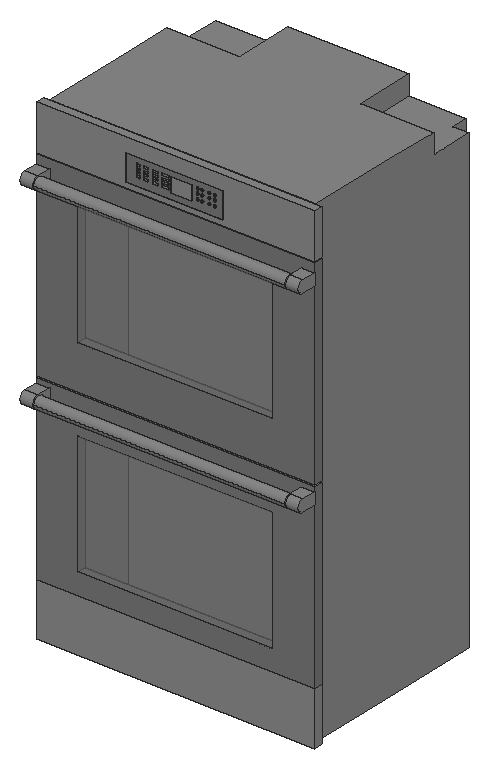
Revit family "DOB30M977D_Revit", category Specialty Equipment, Revit 2014
Parameters (values of type "DOB30M977D")
  Width = 29 3/4"
  WI FI = "YES"
  VOLTS (V) = "240 / 208"
  Unit = Stainless Steel
  TEMPERATURE PROBE = "YES (UPPER OVEN)"
  Support = Plastic-Black
  STEAM HEATER = "500W"
  STANDARD RACK = "1 (UPPER) / 1 (LOWER)"
  SABBATH MODE = "YES"
  RACK POSITIONS = "6"
  PROOF (LOWER TEMP) = "YES (BOTH OVENS)"
  PROOF = "YES (BOTH OVENS)"
  PIZZA STONE MODE = "YES (BOTH OVENS)"
  NET WEIGHT (LBS) = "139"
  Model = "DOB30M977D"
  Manufacturer = "Dacor"
  MESH FILTER = "4"
  LIMITED, PARTS AND LABOR = "1 YEAR"
  LIGHTING = "BRIGHTVUE™ - LED + HALOGEN"
  KITCHEN TIMER = "YES (BOTH OVENS)"
  KEEP WARM = "YES (BOTH OVENS)"
  INSTANTHEAT™ = "YES (BOTH OVENS)"
  Height = 51 1/2"
  Handle = Stainless Steel
  GOURMET COOK = "YES (BOTH OVENS)"
  GLIDERACK™ = "2 (UPPER) / 2 (LOWER)"
  FREQUENCY (HZ) = "60"
  ENERGY SOURCE = "ELECTRIC"
  Door Glass = Glass
  Door = Plastic-Black
  Description = "30-INCH DOUBLE WALL OVEN MODERNIST COLLECTION"
  Depth = 23 1/8"
  DELAY START = "YES (BOTH OVENS)"
  DEHYDRATE = "YES (BOTH OVENS)"
  COOKING MODES UPPER CAVITY = "BAKE - BROIL - CONVECTION BAKE - CONVECTION ROAST CONVECTION BROIL - FOUR PART PURE CONVECTION - PURE CONVECTION SEAR - STEAM BAKE - STEAM ROAST"
  COOKING MODES LOWER CAVITY = "BAKE - BROIL - CONVECTION BAKE CONVECTION ROAST - CONVECTION BROIL - FOUR PART PURE CONVECTION - PURE CONVECTION SEAR"
  COOKIE SHEETS (SET OF 3) = "SKU - ACSM303"
  CONVECTION TYPE = "FOUR PART DUAL PURE CONVECTION WITH MESH FILTER"
  CONVECTION ELEMENT = "1,300W (EACH - 2,600W TOTAL)"
  CONTROLS = "7” TFT LCD"
  CLEANING TYPE = "SELF CLEAN (BOTH OVENS) & GREENCLEAN (BOTH OVENS)"
  CIRCUIT BREAKER (A) = "50"
  CHILD LOCK = "YES"
  BROIL ELEMENT = "4,400W - 10 PASS"
  BAKE ELEMENT = "3,000W - 8 PASS"
  AUTOMATIC WATER RESERVOIR = "1 (UPPER)"
  AUTO CONVERSION = "YES"
Reference planes (in)
  plane 1 "Center (Front/Back)": y = 0
  plane 2: z = 0
  plane 3 "Center (Left/Right)": x = 0
  plane 4: y = 11.5625
  plane 5: y = -11.5625
  plane 6: x = -14.25
  plane 7: x = 14.25
  plane 8: z = 51.5
  plane 9: y = -13.4375
  plane 10: z = 49.875
  plane 11: x = -14.875
  plane 12: x = 14.875
  plane 13: y = -12.8375
  plane 14: z = 25.2264
  plane 15: y = -13.7625
Forms (in)
  Extrusion 1, solid, material "Stainless Steel" <- "Unit"
    sketch origin (0, 0, 0) x (1, 0, 0) y (0, 0, 1)
      loop
        line (-14.25, 51.5) -> (-14.25, 0) -> (14.25, 0) -> (14.25, 51.5) -> (-14.25, 51.5)
      loop
        line (-14.13947, 51.3514) -> (-14.13947, 0.2264) -> (14.11053, 0.2264) -> (14.11053, 51.3514) -> (-14.13947, 51.3514)
    from -11.5625 to 10.5625
  Extrusion 2, solid, material "Stainless Steel" <- "Unit"
    sketch origin (0, 11.5625, 0) x (-1, 0, 0) y (0, 0, 1)
      loop
        line (-14.11053, 51.3514) -> (-14.11053, 0.2264) -> (14.13947, 0.2264) -> (14.13947, 51.3514) -> (-14.11053, 51.3514)
    from 0 to -0.58184
  Extrusion 3, solid, material "Plastic-Black" <- "Door"
    sketch origin (0, 0, 0) x (1, 0, 0) y (0, 0, 1)
      loop
        line (-14.875, 25.2264) -> (14.875, 25.2264) -> (14.875, 46.5) -> (-14.875, 46.5) -> (-14.875, 25.2264)
      loop
        line (-10.4795, 43.05936) -> (-10.4795, 29.98364) -> (10.35378, 29.98364) -> (10.35378, 43.05936) -> (-10.4795, 43.05936)
      loop
        line (-14.875, 5.7264) -> (14.875, 5.7264) -> (14.875, 25.03864) -> (-14.875, 25.03864) -> (-14.875, 5.7264)
      loop
        line (-10.4795, 21.05936) -> (-10.4795, 7.98364) -> (10.35378, 7.98364) -> (10.35378, 21.05936) -> (-10.4795, 21.05936)
    from 10.5625 to 11.5625
  Extrusion 4, solid, material "Stainless Steel" <- "Unit"
    sketch origin (-2.5, -11.5625, 0) x (1, 0, 0) y (0, 0, 1)
      loop
        line (-1.6594, 49.39162) -> (-1.6594, 49.18439) -> (-1.32598, 49.18439) -> (-1.32598, 49.39162) -> (-1.6594, 49.39162)
      loop
        line (-0.87096, 49.39162) -> (-0.87096, 49.18439) -> (-0.43933, 49.18439) -> (-0.43933, 49.39162) -> (-0.87096, 49.39162)
      loop
        line (-1.6594, 48.96771) -> (-1.6594, 48.81409) -> (-1.32598, 48.81409) -> (-1.32598, 48.96771) -> (-1.6594, 48.96771)
      loop
        line (-0.87096, 48.96771) -> (-0.87096, 48.81409) -> (-0.43933, 48.81409) -> (-0.43933, 48.96771) -> (-0.87096, 48.96771)
      loop
        line (-1.65392, 48.63776) -> (-1.65392, 48.48414) -> (-1.3205, 48.48414) -> (-1.3205, 48.63776) -> (-1.65392, 48.63776)
      loop
        line (-0.86548, 48.63776) -> (-0.86548, 48.48414) -> (-0.43384, 48.48414) -> (-0.43384, 48.63776) -> (-0.86548, 48.63776)
      loop
        line (0.03732, 48.63776) -> (0.03732, 48.48414) -> (0.64099, 48.48414) -> (0.64099, 48.63776) -> (0.03732, 48.63776)
      loop
        line (0.03183, 48.96771) -> (0.03183, 48.81409) -> (0.63551, 48.81409) -> (0.63551, 48.96771) -> (0.03183, 48.96771)
      loop
        line (0.63551, 49.18439) -> (0.63551, 49.39162) -> (0.03183, 49.39162) -> (0.03183, 49.18439) -> (0.63551, 49.18439)
      loop
        line (-1.65392, 48.25823) -> (-1.65392, 48.051) -> (-1.3205, 48.051) -> (-1.3205, 48.25823) -> (-1.65392, 48.25823)
      loop
        line (-0.86548, 48.25823) -> (-0.86548, 48.051) -> (-0.43384, 48.051) -> (-0.43384, 48.25823) -> (-0.86548, 48.25823)
      loop
        line (0.03732, 48.25823) -> (0.03732, 48.051) -> (0.64099, 48.051) -> (0.64099, 48.25823) -> (0.03732, 48.25823)
      loop
        line (1.02381, 48.25823) -> (1.02381, 48.051) -> (1.78945, 48.051) -> (1.78945, 48.25823) -> (1.02381, 48.25823)
      loop
        line (1.02381, 48.63776) -> (1.02381, 48.48414) -> (1.78945, 48.48414) -> (1.78945, 48.63776) -> (1.02381, 48.63776)
      loop
        line (1.01833, 48.96771) -> (1.01833, 48.81409) -> (1.78396, 48.81409) -> (1.78396, 48.96771) -> (1.01833, 48.96771)
      loop
        line (1.01833, 49.39162) -> (1.01833, 49.18439) -> (1.78396, 49.18439) -> (1.78396, 49.39162) -> (1.01833, 49.39162)
      loop
        line (2.00772, 49.39162) -> (2.00772, 47.84986) -> (4.27232, 47.84986) -> (4.27232, 49.39162) -> (2.00772, 49.39162)
      loop
        circle (4.87127, 49.275) r 0.11662
      loop
        circle (5.35, 49.275) r 0.11662
      loop
        circle (6.10706, 49.275) r 0.11662
      loop
        circle (6.72875, 49.275) r 0.11662
      loop
        circle (6.72875, 48.78253) r 0.11662
      loop
        circle (6.10706, 48.78253) r 0.11662
      loop
        circle (5.35, 48.78253) r 0.11662
      loop
        circle (4.87127, 48.78253) r 0.11662
      loop
        circle (4.87127, 48.2109) r 0.11662
      loop
        circle (5.35, 48.2109) r 0.11662
      loop
        circle (6.10706, 48.2109) r 0.11662
      loop
        circle (6.72875, 48.2109) r 0.11662
    from 0 to -0.4545
  Extrusion 5, solid, material "Plastic-Black" <- "Support"
    sketch origin (0, 0, 0) x (1, 0, 0) y (0, 0, 1)
      loop
        line (-5.34891, 49.98599) -> (-5.34891, 47.23599) -> (5.02857, 47.23599) -> (5.02857, 49.98599) -> (-5.34891, 49.98599)
      loop
        line (-3.82598, 49.39162) -> (-4.1594, 49.39162) -> (-4.1594, 49.18439) -> (-3.82598, 49.18439) -> (-3.82598, 49.39162)
      loop
        line (-3.82598, 48.96771) -> (-4.1594, 48.96771) -> (-4.1594, 48.81409) -> (-3.82598, 48.81409) -> (-3.82598, 48.96771)
      loop
        line (-3.8205, 48.63776) -> (-4.15392, 48.63776) -> (-4.15392, 48.48414) -> (-3.8205, 48.48414) -> (-3.8205, 48.63776)
      loop
        line (-3.8205, 48.25823) -> (-4.15392, 48.25823) -> (-4.15392, 48.051) -> (-3.8205, 48.051) -> (-3.8205, 48.25823)
      loop
        line (-2.93933, 49.39162) -> (-3.37096, 49.39162) -> (-3.37096, 49.18439) -> (-2.93933, 49.18439) -> (-2.93933, 49.39162)
      loop
        line (-2.93933, 48.96771) -> (-3.37096, 48.96771) -> (-3.37096, 48.81409) -> (-2.93933, 48.81409) -> (-2.93933, 48.96771)
      loop
        line (-2.93384, 48.63776) -> (-3.36548, 48.63776) -> (-3.36548, 48.48414) -> (-2.93384, 48.48414) -> (-2.93384, 48.63776)
      loop
        line (-2.93384, 48.25823) -> (-3.36548, 48.25823) -> (-3.36548, 48.051) -> (-2.93384, 48.051) -> (-2.93384, 48.25823)
      loop
        line (-1.86449, 49.39162) -> (-2.46817, 49.39162) -> (-2.46817, 49.18439) -> (-1.86449, 49.18439) -> (-1.86449, 49.39162)
      loop
        line (-1.86449, 48.96771) -> (-2.46817, 48.96771) -> (-2.46817, 48.81409) -> (-1.86449, 48.81409) -> (-1.86449, 48.96771)
      loop
        line (-1.85901, 48.63776) -> (-2.46268, 48.63776) -> (-2.46268, 48.48414) -> (-1.85901, 48.48414) -> (-1.85901, 48.63776)
      loop
        line (-1.85901, 48.25823) -> (-2.46268, 48.25823) -> (-2.46268, 48.051) -> (-1.85901, 48.051) -> (-1.85901, 48.25823)
      loop
        line (-0.71604, 49.39162) -> (-1.48167, 49.39162) -> (-1.48167, 49.18439) -> (-0.71604, 49.18439) -> (-0.71604, 49.39162)
      loop
        line (-0.71604, 48.96771) -> (-1.48167, 48.96771) -> (-1.48167, 48.81409) -> (-0.71604, 48.81409) -> (-0.71604, 48.96771)
      loop
        line (-0.71055, 48.63776) -> (-1.47619, 48.63776) -> (-1.47619, 48.48414) -> (-0.71055, 48.48414) -> (-0.71055, 48.63776)
      loop
        line (-0.71055, 48.25823) -> (-1.47619, 48.25823) -> (-1.47619, 48.051) -> (-0.71055, 48.051) -> (-0.71055, 48.25823)
      loop
        line (1.77232, 49.39162) -> (-0.49228, 49.39162) -> (-0.49228, 47.84986) -> (1.77232, 47.84986) -> (1.77232, 49.39162)
      loop
        circle (2.37127, 49.275) r 0.11662
      loop
        circle (2.85, 49.275) r 0.11662
      loop
        circle (3.60706, 49.275) r 0.11662
      loop
        circle (4.22875, 49.275) r 0.11662
      loop
        circle (4.22875, 48.78253) r 0.11662
      loop
        circle (4.22875, 48.2109) r 0.11662
      loop
        circle (3.60706, 48.2109) r 0.11662
      loop
        circle (3.60706, 48.78253) r 0.11662
      loop
        circle (2.85, 48.78253) r 0.11662
      loop
        circle (2.37127, 48.78253) r 0.11662
      loop
        circle (2.37127, 48.2109) r 0.11662
      loop
        circle (2.85, 48.2109) r 0.11662
    from 10.5625 to 11.5625
  Extrusion 6, solid, material "Glass" <- "Door Glass"
    sketch origin (0, -11.5625, 0) x (1, 0, 0) y (0, 0, 1)
      loop
        line (-10.4795, 43.05936) -> (-10.4795, 29.98364) -> (10.35378, 29.98364) -> (10.35378, 43.05936) -> (-10.4795, 43.05936)
      loop
        line (-10.4795, 21.05936) -> (-10.4795, 7.98364) -> (10.35378, 7.98364) -> (10.35378, 21.05936) -> (-10.4795, 21.05936)
    from 0 to -1
  Extrusion 7, solid, material "Stainless Steel" <- "Handle"
    sketch origin (0, 0, 0) x (0, 1, 0) y (0, 0, 1)
      loop
        line (-11.5625, 45.57204) -> (-13.13198, 45.57204)
        arc (-13.13198, 45.57204) -> (-13.76319, 44.94083) -> (-13.13198, 44.30962) r 0.63121
        line (-13.13198, 44.30962) -> (-11.5625, 44.30962) -> (-11.5625, 45.57204)
    from 13.47663 to 14.875
  Extrusion 8, solid, material "Stainless Steel" <- "Handle"
    sketch origin (0, 0, 0) x (0, 1, 0) y (0, 0, -1)
      loop
        line (-11.5625, -45.57204) -> (-11.5625, -44.30962) -> (-13.13198, -44.30962)
        arc (-13.13198, -44.30962) -> (-13.76319, -44.94083) -> (-13.13198, -45.57204) r 0.63121
        line (-13.13198, -45.57204) -> (-11.5625, -45.57204)
    from 13.47663 to 14.875
  Extrusion 9, solid, material "Stainless Steel" <- "Handle"
    sketch origin (0, 0, 0) x (0, 1, 0) y (0, 0, 1)
      loop
        circle (-13.13198, 44.94083) r 0.63121
    from -13.47663 to 13.47663
  Extrusion 10, solid, material "Stainless Steel" <- "Handle"
    sketch origin (0, 0, -21) x (0, 1, 0) y (0, 0, 1)
      loop
        line (-11.5625, 45.57204) -> (-13.13198, 45.57204)
        arc (-13.13198, 45.57204) -> (-13.76319, 44.94083) -> (-13.13198, 44.30962) r 0.63121
        line (-13.13198, 44.30962) -> (-11.5625, 44.30962) -> (-11.5625, 45.57204)
    from 13.47663 to 14.875
  Extrusion 11, solid, material "Stainless Steel" <- "Handle"
    sketch origin (0, 0, -21) x (0, 1, 0) y (0, 0, -1)
      loop
        line (-11.5625, -45.57204) -> (-11.5625, -44.30962) -> (-13.13198, -44.30962)
        arc (-13.13198, -44.30962) -> (-13.76319, -44.94083) -> (-13.13198, -45.57204) r 0.63121
        line (-13.13198, -45.57204) -> (-11.5625, -45.57204)
    from 13.47663 to 14.875
  Extrusion 12, solid, material "Stainless Steel" <- "Handle"
    sketch origin (0, 0, -21) x (0, 1, 0) y (0, 0, 1)
      loop
        circle (-13.13198, 44.94083) r 0.63121
    from -13.47663 to 13.47663
  Extrusion 13, solid, material "Stainless Steel" <- "Unit"
    sketch origin (0, 0, 0) x (1, 0, 0) y (0, 1, 0)
      loop
        line (-14.25, 11.5625) -> (-14.25, -0.29809) -> (14.25, -0.29809) -> (14.25, 11.5625) -> (-14.25, 11.5625)
    from 0 to 51.5
  Extrusion 14, void
    sketch origin (0, 0, 0) x (1, 0, 0) y (0, 1, 0)
      loop
        line (12.57929, 11.5625) -> (12.57929, 9.78409) -> (14.25, 9.78409) -> (14.25, 11.5625) -> (12.57929, 11.5625)
    from 0 to 51.5
  Extrusion 15, void
    sketch origin (0, 0, 0) x (1, 0, 0) y (0, 1, 0)
      loop
        line (6.48362, 11.5625) -> (6.48362, 5.09899) -> (14.25, 5.09899) -> (14.25, 11.5625) -> (6.48362, 11.5625)
      loop
        line (-6.48362, 11.5625) -> (-14.25, 11.5625) -> (-14.25, 5.09899) -> (-6.48362, 5.09899) -> (-6.48362, 11.5625)
    from 49.39162 to 51.5
  Extrusion 16, solid, material "Stainless Steel" <- "Unit"
    sketch origin (0, 0, 0) x (1, 0, 0) y (0, 0, 1)
      loop
        line (-14.875, 51.5) -> (-14.875, 46.625) -> (14.875, 46.625) -> (14.875, 51.5) -> (-14.875, 51.5)
      loop
        line (-14.875, 0) -> (14.875, 0) -> (14.875, 5.66143) -> (-14.875, 5.66143) -> (-14.875, 0)
      loop
        line (5.02857, 49.98599) -> (-5.34891, 49.98599) -> (-5.34891, 47.23599) -> (5.02857, 47.23599) -> (5.02857, 49.98599)
    from 10.5625 to 11.5625
Cuts and joins
  Extrusion 14, Extrusion 15 cuts Extrusion 1
  Extrusion 14, Extrusion 15 cuts Extrusion 2
  Extrusion 14, Extrusion 15 cuts Extrusion 13
  joined: Extrusion 1, Extrusion 2, Extrusion 13
Dimensions and locks (in)
  equal spacing: plane 6, plane 3 "Center (Left/Right)", plane 7
  equal spacing: plane 4, plane 1 "Center (Front/Back)", plane 5
  "Depth": plane 4 to plane 5
  "Height": plane 8 to plane 2
  plane 5 to plane 9 = 1 7/8"
  plane 10 to plane 2 = 49 7/8"
  equal spacing: plane 11, plane 3 "Center (Left/Right)", plane 12
  "Width": plane 11 to plane 12
  plane 4 to plane 13 = 24.4"
  plane 15 to plane 5 = 2.2"
  plane 6 to plane 7 = 28 1/2"
  aligned and locked: level to plane 2
  aligned and locked: plane 4 to Extrusion 1
  aligned and locked: Extrusion 3 to plane 5
  aligned and locked: Extrusion 5 to Extrusion 3
  aligned and locked: Extrusion 5 to cut or joined group of Extrusion 1, Extrusion 2, Extrusion 13, Extrusion 14, Extrusion 15
  aligned and locked: plane 11 to Extrusion 3 sketch curve
  aligned and locked: Extrusion 9 to Extrusion 7
  aligned and locked: Extrusion 9 to Extrusion 8
  aligned and locked: Extrusion 12 to Extrusion 10
  aligned and locked: Extrusion 12 to Extrusion 11
  aligned and locked: plane 8 to Extrusion 13
Automatic sketch dimensions
  Extrusion 1 sketch curve to level = 0"
  Extrusion 1 sketch curve to plane 6 = 0"
  Extrusion 1 sketch curve to plane 7 = 0"
  Extrusion 1 sketch curve to plane 8 = 0"
  plane 6 to Extrusion 1 sketch curve = 0.11053"
  Extrusion 1 sketch curve to plane 7 = 0.13947"
  level to Extrusion 1 sketch curve = 0.2264"
  Extrusion 1 sketch curve to plane 8 = 0.1486"
  Extrusion 2 sketch curve to Extrusion 1 = 0"  (x3)
  Extrusion 1 to Extrusion 2 sketch curve = 0"
  Extrusion 3 sketch curve to plane 11 = 0"
  Extrusion 3 sketch curve to plane 12 = 0"  (x2)
  Extrusion 3 sketch curve to plane 14 = 0"
  plane 6 to Extrusion 3 sketch curve = 3.7705"  (x2)
  Extrusion 3 sketch curve to plane 7 = 3.89622"  (x2)
  Extrusion 3 sketch curve to Extrusion 3 sketch curve = 2.25725"
  Extrusion 3 sketch curve to plane 14 = 4.16704"
  Extrusion 3 sketch curve to plane 14 = 0.18776"
  plane 14 to Extrusion 3 sketch curve = 4.75725"
  Extrusion 3 sketch curve to plane 10 = 6.81564"
  Extrusion 3 sketch curve to plane 10 = 3 3/8"
  Extrusion 4 sketch curve to Extrusion 4 sketch curve = 0"  (x48)
  Extrusion 4 sketch curve to plane 10 = 0.48338"  (x2)
  Extrusion 4 sketch curve to plane 3 "Center (Left/Right)" = 4.1594"
  Extrusion 4 sketch curve to Extrusion 4 sketch curve = 0.00548"  (x7)
  Extrusion 4 sketch curve to Extrusion 4 sketch curve = 0.33342"  (x2)
  Extrusion 4 sketch curve to Extrusion 4 sketch curve = 0.45502"  (x2)
  Extrusion 4 sketch curve to Extrusion 4 sketch curve = 0.43164"  (x2)
  Extrusion 4 sketch curve to Extrusion 4 sketch curve = 0.47116"
  Extrusion 4 sketch curve to Extrusion 4 sketch curve = 0.60367"
  Extrusion 4 sketch curve to Extrusion 4 sketch curve = 49/128"  (x3)
  Extrusion 4 sketch curve to plane 3 "Center (Left/Right)" = 0.71604"
  Extrusion 4 sketch curve to Extrusion 4 sketch curve = 0.22376"
  plane 3 "Center (Left/Right)" to Extrusion 4 sketch curve = 1.77232"
  Extrusion 4 sketch curve to Extrusion 4 sketch curve = 0.59895"  (x2)
  Extrusion 4 sketch curve to Extrusion 4 sketch curve = 0.47873"  (x3)
  Extrusion 4 sketch curve to Extrusion 4 sketch curve = 0.75706"  (x2)
  Extrusion 4 sketch curve to Extrusion 4 sketch curve = 0.62168"
  Extrusion 4 sketch curve to plane 10 = 0.6"  (x2)
  Extrusion 4 sketch curve to Extrusion 4 sketch curve = 0.20723"  (x8)
  Extrusion 4 sketch curve to Extrusion 4 sketch curve = 0.21668"  (x4)
  Extrusion 4 sketch curve to Extrusion 4 sketch curve = 0.15362"  (x8)
  Extrusion 4 sketch curve to Extrusion 4 sketch curve = 0.49247"  (x3)
  Extrusion 4 sketch curve to Extrusion 4 sketch curve = 0.17632"  (x4)
  Extrusion 4 sketch curve to Extrusion 4 sketch curve = 0.22591"  (x4)
  Extrusion 4 sketch curve to Extrusion 4 sketch curve = 0.57163"  (x2)
  Extrusion 4 sketch curve to Extrusion 4 sketch curve = 0.20114"
  Extrusion 4 sketch curve to Extrusion 4 sketch curve = 0.11662"  (x12)
  Extrusion 5 sketch curve to Extrusion 5 sketch curve = 0"  (x49)
  plane 10 to Extrusion 5 sketch curve = 0.11099"
  Extrusion 5 sketch curve to plane 3 "Center (Left/Right)" = 5.34891"
  Extrusion 5 sketch curve to Extrusion 5 sketch curve = 1.1895"
  Extrusion 5 sketch curve to Extrusion 5 sketch curve = 0.00548"  (x8)
  Extrusion 5 sketch curve to Extrusion 5 sketch curve = 0.33342"  (x2)
  Extrusion 5 sketch curve to Extrusion 5 sketch curve = 0.45502"
  Extrusion 5 sketch curve to Extrusion 5 sketch curve = 0.43164"
  Extrusion 5 sketch curve to Extrusion 5 sketch curve = 0.47116"
  Extrusion 5 sketch curve to Extrusion 5 sketch curve = 0.60367"
  Extrusion 5 sketch curve to Extrusion 5 sketch curve = 49/128"
  Extrusion 5 sketch curve to plane 3 "Center (Left/Right)" = 0.71604"
  Extrusion 5 sketch curve to Extrusion 5 sketch curve = 0.22376"
  plane 3 "Center (Left/Right)" to Extrusion 5 sketch curve = 1.77232"
  Extrusion 5 sketch curve to Extrusion 5 sketch curve = 0.59895"
  Extrusion 5 sketch curve to Extrusion 5 sketch curve = 0.47873"  (x3)
  Extrusion 5 sketch curve to Extrusion 5 sketch curve = 0.75706"  (x2)
  Extrusion 5 sketch curve to Extrusion 5 sketch curve = 0.62168"
  Extrusion 5 sketch curve to Extrusion 5 sketch curve = 0.79982"
  Extrusion 5 sketch curve to plane 10 = 0.48338"  (x5)
  Extrusion 5 sketch curve to plane 10 = 0.6"  (x2)
  Extrusion 5 sketch curve to Extrusion 5 sketch curve = 0.20723"  (x8)
  Extrusion 5 sketch curve to Extrusion 5 sketch curve = 0.21668"  (x4)
  Extrusion 5 sketch curve to Extrusion 5 sketch curve = 0.15362"  (x8)
  Extrusion 5 sketch curve to Extrusion 5 sketch curve = 0.49247"  (x3)
  Extrusion 5 sketch curve to Extrusion 5 sketch curve = 0.17632"  (x4)
  Extrusion 5 sketch curve to Extrusion 5 sketch curve = 0.22591"  (x4)
  Extrusion 5 sketch curve to Extrusion 5 sketch curve = 0.57163"  (x2)
  Extrusion 5 sketch curve to Extrusion 5 sketch curve = 0.36104"
  Extrusion 5 sketch curve to Extrusion 5 sketch curve = 0.81501"
  Extrusion 5 sketch curve to Extrusion 5 sketch curve = 0.11662"  (x12)
  Extrusion 6 sketch curve to Extrusion 3 = 0"  (x5)
  Extrusion 3 to Extrusion 6 sketch curve = 0"  (x3)
  Extrusion 7 sketch curve to plane 5 = 0"
  Extrusion 7 sketch curve to plane 13 = 0.29448"
  Extrusion 7 sketch curve to plane 10 = 5.56538"
  Extrusion 7 sketch curve to Extrusion 7 sketch curve = 0.63121"
  Extrusion 8 sketch curve to plane 5 = 0"
  Extrusion 8 sketch curve to plane 13 = 0.29448"
  Extrusion 8 sketch curve to plane 10 = 4.30296"
  Extrusion 8 sketch curve to Extrusion 8 sketch curve = 0.63121"
  Extrusion 9 sketch curve to plane 13 = 0.29448"
  Extrusion 9 sketch curve to plane 10 = 4.93417"
  Extrusion 10 sketch curve to plane 5 = 0"
  Extrusion 10 sketch curve to plane 13 = 0.29448"
  Extrusion 10 sketch curve to plane 14 = 1.91678"
  Extrusion 10 sketch curve to Extrusion 10 sketch curve = 0.63121"
  Extrusion 11 sketch curve to plane 5 = 0"
  Extrusion 11 sketch curve to plane 13 = 0.29448"
  Extrusion 11 sketch curve to plane 14 = 0.65436"
  Extrusion 11 sketch curve to Extrusion 11 sketch curve = 0.63121"
  Extrusion 12 sketch curve to plane 13 = 0.29448"
  Extrusion 12 sketch curve to plane 14 = 1.28557"
  Extrusion 13 sketch curve to plane 6 = 0"
  Extrusion 13 sketch curve to plane 7 = 0"
  Extrusion 13 sketch curve to plane 4 = 0"
  plane 1 "Center (Front/Back)" to Extrusion 13 sketch curve = 0.29809"
  Extrusion 14 sketch curve to plane 4 = 0"
  Extrusion 14 sketch curve to plane 7 = 0"
  Extrusion 14 sketch curve to Extrusion 14 sketch curve = 1.67071"
  Extrusion 14 sketch curve to plane 4 = 1.77841"
  Extrusion 15 sketch curve to plane 4 = 0"  (x2)
  Extrusion 15 sketch curve to plane 6 = 0"
  Extrusion 15 sketch curve to plane 7 = 0"
  Extrusion 15 sketch curve to plane 3 "Center (Left/Right)" = 6.48362"
  plane 3 "Center (Left/Right)" to Extrusion 15 sketch curve = 6.48362"
  Extrusion 15 sketch curve to plane 1 "Center (Front/Back)" = 5.09899"  (x2)
  Extrusion 16 sketch curve to plane 8 = 0"
  Extrusion 16 sketch curve to plane 11 = 0"  (x2)
  Extrusion 16 sketch curve to level = 0"
  Extrusion 16 sketch curve to plane 12 = 0"  (x2)
  Extrusion 16 sketch curve to Extrusion 16 sketch curve = 5.66143"
  Extrusion 16 sketch curve to plane 10 = 3 1/4"
  level to Extrusion 3 sketch curve = 7.98364"
  plane 10 to Extrusion 16 sketch curve = 0.11099"
  Extrusion 16 sketch curve to plane 3 "Center (Left/Right)" = 5.34891"
  plane 3 "Center (Left/Right)" to Extrusion 16 sketch curve = 5.02857"
  Extrusion 16 sketch curve to plane 10 = 2.63901"
  radius of Extrusion 9 sketch curve = 0.63121"
  radius of Extrusion 12 sketch curve = 0.63121"
